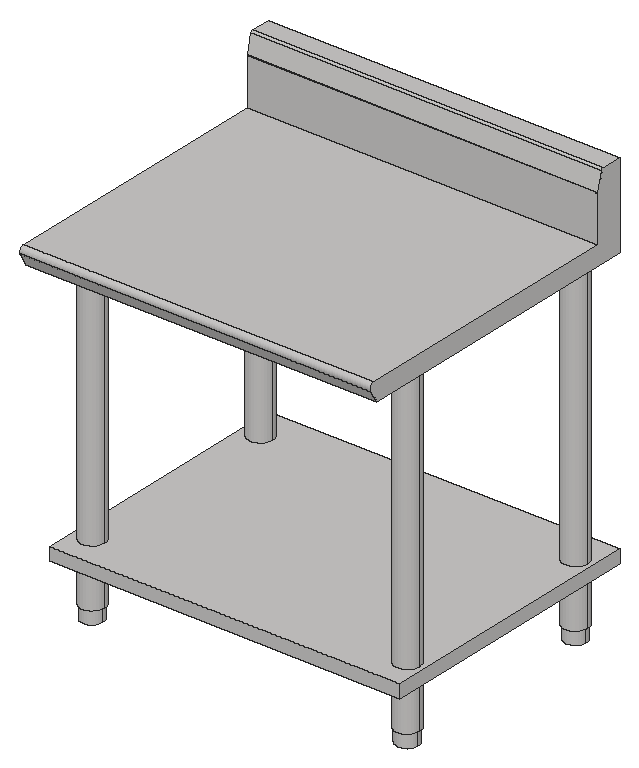
Revit family "QF_COBRA MOFFAT_C900", category Specialty Equipment, Revit 2016
Family settings
  Part Type = Normal
  Round Connector Dimension = Use Diameter
  Work Plane-Based = No
  Always vertical = Yes
  Cut with Voids When Loaded = No
  Shared = No
  Room Calculation Point = No
Parameters
  Weight in Pounds = 44.1
  URL Cutsheet = ""
  Specification by User = ""
  Specification by Manufacturer = ""
  Serial Number = ""
  Seismic Rating = ""
  SMACNA No = ""
  Revision Code = ""
  NAFEM Spec ID Number = ""
  Model = "C900"
  Masterspec = ""
  Manufacturer = "COBRA MOFFAT"
  Length = 900.00 mm
  Item Number = ""
  Installed By = ""
  Identify Quantity as Lot = yes
  Height = 1085.00 mm
  Furnished By = ""
  Foodservice Equipment Identifier = yes
  Description = "INFILL BENCHES"
  Depth = 800.00 mm
  CSI MasterFormat = ""
Reference planes
  plane 1 "BACK": y = 0
  plane 2: z = 0
  plane 3 "LEFT": x = 0
  plane 4 "RIGHT": x = 900
  plane 5 "FRONT": y = -800
  plane 6 "TOP": z = 1085
  plane 7 "Center Y": x = 450
  plane 8 "Center X": y = -400
  plane 9: x = 45.5
  plane 10: x = 854.5
Forms (mm)
  Extrusion 1, solid, material "QF_Metal - Stainless - Polished"
    sketch origin (0, 0, 0) x (0, 1, 0) y (0, 0, 1)
      loop
        line (-780.27, 866) -> (0, 866) -> (0, 1085) -> (-51.999, 1085)
        arc (-51.999, 1085) -> (-55.651, 1083.76) -> (-57.794, 1080.553) r 6
        line (-57.794, 1080.553) -> (-69.796, 1035.763)
        arc (-69.796, 1035.763) -> (-69.949, 1034.993) -> (-70, 1034.21) r 6
        line (-70, 1034.21) -> (-70, 915) -> (-788.301, 915)
        arc (-788.301, 915) -> (-798.434, 909.149) -> (-798.433, 897.448) r 11.7
        line (-798.433, 897.448) -> (-780.27, 866)
      loop
        line (0, 184) -> (-705, 184) -> (-705, 150) -> (0, 150) -> (0, 184)
    from 0 to 900
  Revolve 2, solid, material "QF_Metal - Stainless - Polished"
    sketch origin (0, -85, 35) x (0, 0, 1) y (1, 0, 0)
      loop
        line (-35, 17.5) -> (0, 17.5) -> (0, 13.75) -> (115, 13.75) -> (115, 45.5) -> (-35, 45.5) -> (-35, 17.5)
      loop
        line (149, 45.5) -> (149, 13.75) -> (831, 13.75) -> (831, 45.5) -> (149, 45.5)
      axis (831, 45.5) -> (-35, 45.5)
    angle from 0 to 360
  Revolve 3, solid, material "QF_Metal - Stainless - Polished"
    sketch origin (0, -625, 35) x (0, 0, 1) y (1, 0, 0)
      loop
        line (-35, 17.5) -> (0, 17.5) -> (0, 13.75) -> (115, 13.75) -> (115, 45.5) -> (-35, 45.5) -> (-35, 17.5)
      loop
        line (149, 45.5) -> (149, 13.75) -> (831, 13.75) -> (831, 45.5) -> (149, 45.5)
      axis (831, 45.5) -> (-35, 45.5)
    angle from 0 to 360
  Revolve 4, solid, material "QF_Metal - Stainless - Polished"
    sketch origin (450, -85, 35) x (0, 0, 1) y (1, 0, 0)
      loop
        line (-35, 432.5) -> (-35, 404.5) -> (115, 404.5) -> (115, 436.25) -> (0, 436.25) -> (0, 432.5) -> (-35, 432.5)
      loop
        line (149, 404.5) -> (831, 404.5) -> (831, 436.25) -> (149, 436.25) -> (149, 404.5)
      axis (831, 404.5) -> (-35, 404.5)
    angle from 0 to 360
  Revolve 5, solid, material "QF_Metal - Stainless - Polished"
    sketch origin (450, -625, 35) x (0, 0, 1) y (1, 0, 0)
      loop
        line (-35, 432.5) -> (-35, 404.5) -> (115, 404.5) -> (115, 436.25) -> (0, 436.25) -> (0, 432.5) -> (-35, 432.5)
      loop
        line (149, 404.5) -> (831, 404.5) -> (831, 436.25) -> (149, 436.25) -> (149, 404.5)
      axis (831, 404.5) -> (-35, 404.5)
    angle from 0 to 360
Lines and regions (mm)
  symbolic lines
    curve 1: line (0, 0, 0) -> (900, 0, 0)
    curve 2: line (0, -800.001, 0) -> (0, 0, 0)
    curve 3: line (900, -800.001, 0) -> (0, -800.001, 0)
    curve 4: line (900, 0, 0) -> (900, -800.001, 0)
    curve 5: line (0, -70, 0) -> (900, -70, 0)
Dimensions and locks
  equal spacing: plane 3 "LEFT", plane 7 "Center Y", plane 4 "RIGHT"
  "Length": plane 3 "LEFT" to plane 4 "RIGHT"
  equal spacing: plane 5 "FRONT", plane 8 "Center X", plane 1 "BACK"
  "Depth": plane 5 "FRONT" to plane 1 "BACK"
  "Height": plane 6 "TOP" to level
  locked: plane 10 to plane 4 "RIGHT" at 45.5
  aligned and locked: level to plane 2
  aligned and locked: Extrusion 1 to plane 4 "RIGHT"
Automatic sketch dimensions
  plane 1 "BACK" to curve 1 = 0.00 mm
  curve 1 to plane 3 "LEFT" = 0.00 mm
  curve 4 to plane 4 "RIGHT" = 0.00 mm
  plane 5 "FRONT" to curve 3 = 0.001 mm
  plane 1 "BACK" to curve 5 = 70.00 mm
  Extrusion 1 sketch curve to plane 6 "TOP" = 0.00 mm
  Extrusion 1 sketch curve to plane 1 "BACK" = 0.00 mm  (x2)
  Extrusion 1 sketch curve to Extrusion 1 sketch curve = 51.999 mm
  Extrusion 1 sketch curve to plane 6 "TOP" = 4.447 mm
  Extrusion 1 sketch curve to Extrusion 1 sketch curve = 5.796 mm  (x2)
  Extrusion 1 sketch curve to Extrusion 1 sketch curve = 12.001 mm
  Extrusion 1 sketch curve to Extrusion 1 sketch curve = 0.204 mm
  Extrusion 1 sketch curve to plane 5 "FRONT" = 95.00 mm
  Extrusion 1 sketch curve to plane 5 "FRONT" = 19.73 mm
  Extrusion 1 sketch curve to plane 5 "FRONT" = 11.699 mm
  Extrusion 1 sketch curve to plane 5 "FRONT" = 1.567 mm
  Extrusion 1 sketch curve to Extrusion 1 sketch curve = 44.79 mm
  Extrusion 1 sketch curve to Extrusion 1 sketch curve = 119.21 mm
  Extrusion 1 sketch curve to Extrusion 1 sketch curve = 11.70 mm
  Extrusion 1 sketch curve to Extrusion 1 sketch curve = 31.448 mm
  level to Extrusion 1 sketch curve = 184.00 mm
  Extrusion 1 sketch curve to Extrusion 1 sketch curve = 34.00 mm
  Revolve 2 sketch curve to level = 0.00 mm
  plane 9 to Revolve 2 sketch curve = 0.00 mm  (x3)
  level to Revolve 2 sketch curve = 35.00 mm
  Revolve 2 sketch curve to Revolve 2 sketch curve = 115.00 mm
  plane 3 "LEFT" to Revolve 2 sketch curve = 13.75 mm  (x2)
  Revolve 2 sketch curve to Revolve 2 sketch curve = 34.00 mm
  Revolve 2 sketch curve to plane 6 "TOP" = 219.00 mm
  plane 3 "LEFT" to Revolve 2 sketch curve = 17.50 mm
  Revolve 2 sketch curve to Revolve 2 sketch curve = 14.95 mm
  Revolve 2 sketch curve to Revolve 2 sketch curve = 6.35 mm
  Revolve 3 sketch curve to level = 0.00 mm
  plane 9 to Revolve 3 sketch curve = 0.00 mm  (x3)
  level to Revolve 3 sketch curve = 35.00 mm
  Revolve 3 sketch curve to Revolve 3 sketch curve = 115.00 mm
  plane 3 "LEFT" to Revolve 3 sketch curve = 13.75 mm  (x2)
  Revolve 3 sketch curve to Revolve 3 sketch curve = 34.00 mm
  Revolve 3 sketch curve to plane 6 "TOP" = 219.00 mm
  plane 3 "LEFT" to Revolve 3 sketch curve = 17.50 mm
  Revolve 3 sketch curve to Revolve 3 sketch curve = 14.95 mm
  Revolve 3 sketch curve to Revolve 3 sketch curve = 6.35 mm
  Revolve 4 sketch curve to level = 0.00 mm
  plane 10 to Revolve 4 sketch curve = 0.00 mm  (x3)
  level to Revolve 4 sketch curve = 35.00 mm
  Revolve 4 sketch curve to Revolve 4 sketch curve = 115.00 mm
  plane 4 "RIGHT" to Revolve 4 sketch curve = 13.75 mm
  Revolve 4 sketch curve to Revolve 4 sketch curve = 34.00 mm
  Revolve 4 sketch curve to plane 6 "TOP" = 219.00 mm
  plane 4 "RIGHT" to Revolve 4 sketch curve = 17.50 mm
  Revolve 4 sketch curve to Revolve 4 sketch curve = 3.75 mm
  Revolve 4 sketch curve to Revolve 4 sketch curve = 14.95 mm
  Revolve 4 sketch curve to Revolve 4 sketch curve = 6.35 mm
  Revolve 5 sketch curve to level = 0.00 mm
  plane 10 to Revolve 5 sketch curve = 0.00 mm  (x3)
  level to Revolve 5 sketch curve = 35.00 mm
  Revolve 5 sketch curve to Revolve 5 sketch curve = 115.00 mm
  plane 4 "RIGHT" to Revolve 5 sketch curve = 13.75 mm
  Revolve 5 sketch curve to Revolve 5 sketch curve = 34.00 mm
  Revolve 5 sketch curve to plane 6 "TOP" = 219.00 mm
  plane 4 "RIGHT" to Revolve 5 sketch curve = 17.50 mm
  Revolve 5 sketch curve to Revolve 5 sketch curve = 3.75 mm
  Revolve 5 sketch curve to Revolve 5 sketch curve = 14.95 mm
  Revolve 5 sketch curve to Revolve 5 sketch curve = 6.35 mm
